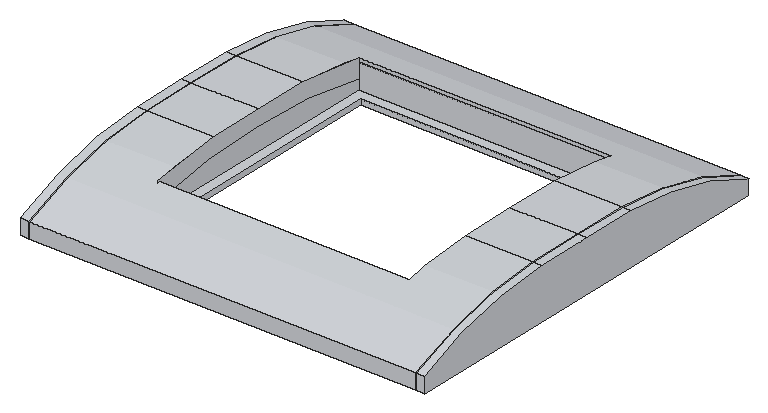
Revit family "Gira_0211334", category Electrical Fixtures, host Face, Revit 2017
Family settings
  Host = Face
  Maintain Annotation Orientation = No
  Round Connector Dimension = Use Diameter
  Part Type = Normal
  Cut with Voids When Loaded = No
  Shared = No
  Room Calculation Point = No
Parameters (values of type "Cov.fr. 1-g interm.fr. PW Gira Event Opaque white")
  With mounting grid = "No"
  With hinged lid = "No"
  URL = "http://katalog.gira.de/en/datenblatt.html?artikelnr=0211334"
  Type of fastening = "Clamp mounting"
  Transparent = "No"
  Surface protection = "Other"
  Suitable for wall duct = "No"
  Suitable for flush-mounted installation = "Yes"
  Suitable for floor box = "No"
  Suitable for built-in installation = "No"
  Number of units vertical = "1"
  Number of units horizontal = "1"
  Number of units = "1"
  Name = "Cov.fr. 1-g interm.fr. PW Gira Event Opaque white"
  Mounting direction = "Horizontal and vertical"
  Material quality = "Thermoplastic"
  Material = "Plastic"
  Manufacturer URL = "https://www.gira.de/"
  Manufacturer = "Gira"
  Label space/information surface = "No"
  Keynote = ""
  HeinzeBIM = "https://bimportal.heinze.de/bim/cov-fr-1-g-interm-fr-pw-gira-event-opaque-white/5f986ecaff8371896c5281f0db439a8f90d30bde"
  Halogen free = "Yes"
  HAN = "0211334"
  GTIN = "4010337074380"
  Description = "Cov.fr.1g i.fr.PW EvOp WH,Gira Event Opaque frames,white with pure white glossy intermediate frame,1-gang,Features:,- Shatter-proof."
  Degree of protection (IP) = "IP20"
  Default Elevation = 1219.2 mm
  Data sheet (1) = "https://katalog.gira.de/en/download.html?artikelnr=0211334"
  Colour = "White"
  Category = "Cover frame for domestic switching devices"
  BIM (1) = "https://media.stage.bim.site/public/gira/36a6b08/Event_Rahmen_1fach.rfa"
  Available = "No"
Reference planes
  plane 1 "Center (Front/Back)": y = 0
  plane 2: z = 0
  plane 3 "Center (Left/Right)": x = 0
Forms (mm)
  Extrusion 1, solid, detail levels fine
    sketch origin (0, 0, 1.55) x (0, 1, 0) y (0, 0, 1)
      loop
        arc (12.445, 9.683) -> (6.223, 9.833) -> (0, 9.85) r 291.636
        arc (0, 9.85) -> (-6.223, 9.833) -> (-12.445, 9.683) r 291.636
        arc (-12.445, 9.683) -> (-29.14, 7.482) -> (-45, 1.823) r 79.728
        line (-45, 1.823) -> (-45, -1.55) -> (-41.777, -1.55) -> (-41.777, -0.55)
        arc (-41.777, -0.55) -> (-21.205, 4.846) -> (0, 6.467) r 118.15
        arc (0, 6.467) -> (21.205, 4.846) -> (41.777, -0.55) r 118.15
        line (41.777, -0.55) -> (41.777, -1.55) -> (45, -1.55) -> (45, 1.823)
        arc (45, 1.823) -> (29.14, 7.482) -> (12.445, 9.683) r 79.728
    from -43 to 43
  Extrusion 2, void, detail levels fine
    sketch origin (0, 0, 0) x (1, 0, 0) y (0, 1, 0)
      loop
        line (-28, -28) -> (28, -28) -> (28, 28) -> (-28, 28) -> (-28, -28)
    from 2.85 to 12
  Extrusion 3, solid, detail levels coarse
    sketch origin (0, 0, 0) x (1, 0, 0) y (0, 1, 0)
      loop
        line (-45, 45) -> (-45, -45) -> (45, -45) -> (45, 45) -> (-45, 45)
    from 0 to 11.4
  Extrusion 4, solid, detail levels medium
    sketch origin (0, 0, 1.55) x (0, 1, 0) y (0, 0, 1)
      loop
        arc (12.445, 9.683) -> (6.223, 9.833) -> (0, 9.85) r 291.636
        arc (0, 9.85) -> (-6.223, 9.833) -> (-12.445, 9.683) r 291.636
        arc (-12.445, 9.683) -> (-29.14, 7.482) -> (-45, 1.823) r 79.728
        line (-45, 1.823) -> (-45, -1.55) -> (45, -1.55) -> (45, 1.823)
        arc (45, 1.823) -> (29.14, 7.482) -> (12.445, 9.683) r 79.728
    from -45 to 45
  Extrusion 5, solid, detail levels fine
    sketch origin (0, 0, 0) x (0, 1, 0) y (0, 0, 1)
      loop
        arc (45, 3.373) -> (29.14, 9.032) -> (12.445, 11.233) r 79.728
        arc (12.445, 11.233) -> (6.223, 11.383) -> (0, 11.4) r 291.636
        arc (0, 11.4) -> (-6.223, 11.383) -> (-12.445, 11.233) r 291.636
        arc (-12.445, 11.233) -> (-29.14, 9.032) -> (-45, 3.373) r 79.728
        line (-45, 3.373) -> (-45, 0) -> (45, 0) -> (45, 3.373)
    from 43 to 45
  Extrusion 6, solid, detail levels fine
    sketch origin (0, 0, 0) x (0, 1, 0) y (0, 0, -1)
      loop
        line (45, -3.373) -> (45, 0) -> (-45, 0) -> (-45, -3.373)
        arc (-45, -3.373) -> (-29.14, -9.032) -> (-12.445, -11.233) r 79.728
        arc (-12.445, -11.233) -> (-6.223, -11.383) -> (0, -11.4) r 291.636
        arc (0, -11.4) -> (6.223, -11.383) -> (12.445, -11.233) r 291.636
        arc (12.445, -11.233) -> (29.14, -9.032) -> (45, -3.373) r 79.728
    from 43 to 45
  Extrusion 7, solid, detail levels fine
    sketch origin (0, 0, 0) x (1, 0, 0) y (0, 1, 0)
      loop
        line (-25.7, 25.7) -> (-25.7, -25.7) -> (25.7, -25.7) -> (25.7, 25.7) -> (-25.7, 25.7)
      loop
        line (-29.495, 27.895) -> (-29.495, -27.895)
        spline (-29.495, -27.895) -> (-29.486, -28.025) -> (-29.461, -28.154) -> (-29.419, -28.278) -> (-29.361, -28.395) -> (-29.288, -28.504) -> (-29.202, -28.602) -> (-29.104, -28.688) -> (-28.995, -28.761) -> (-28.878, -28.819) -> (-28.754, -28.861) -> (-28.625, -28.886) -> (-28.495, -28.895)
        line (-28.495, -28.895) -> (28.495, -28.895)
        spline (28.495, -28.895) -> (28.625, -28.886) -> (28.754, -28.861) -> (28.878, -28.819) -> (28.995, -28.761) -> (29.104, -28.688) -> (29.202, -28.602) -> (29.288, -28.504) -> (29.361, -28.395) -> (29.419, -28.278) -> (29.461, -28.154) -> (29.486, -28.025) -> (29.495, -27.895)
        line (29.495, -27.895) -> (29.495, 27.895)
        spline (29.495, 27.895) -> (29.486, 28.025) -> (29.461, 28.154) -> (29.419, 28.278) -> (29.361, 28.395) -> (29.288, 28.504) -> (29.202, 28.602) -> (29.104, 28.688) -> (28.995, 28.761) -> (28.878, 28.819) -> (28.754, 28.861) -> (28.625, 28.886) -> (28.495, 28.895)
        line (28.495, 28.895) -> (-28.495, 28.895)
        spline (-28.495, 28.895) -> (-28.625, 28.886) -> (-28.754, 28.861) -> (-28.878, 28.819) -> (-28.995, 28.761) -> (-29.104, 28.688) -> (-29.202, 28.602) -> (-29.288, 28.504) -> (-29.361, 28.395) -> (-29.419, 28.278) -> (-29.461, 28.154) -> (-29.486, 28.025) -> (-29.495, 27.895)
    from 1.673 to 8.5
Cuts and joins
  Extrusion 2 cuts Extrusion 1
  Extrusion 2 cuts Extrusion 7
Dimensions and locks
  aligned and locked: plane 2 to host face
  aligned and locked: level to host face
